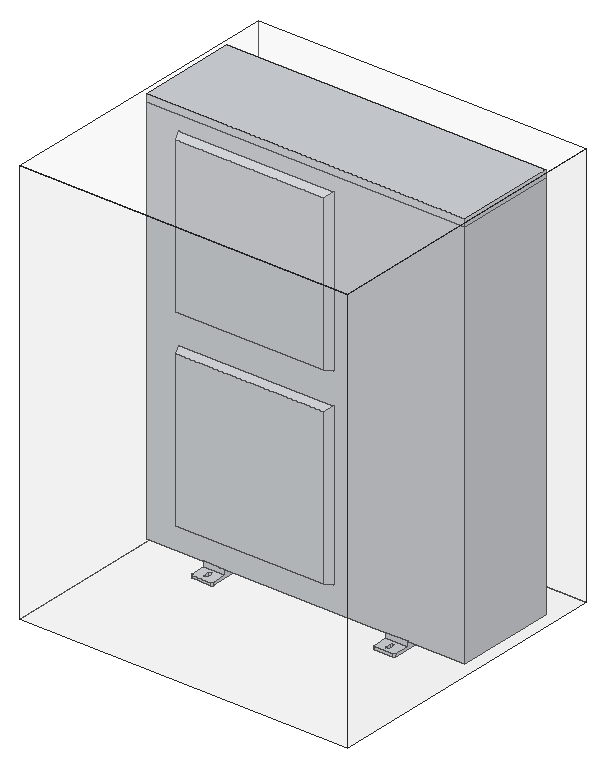
Revit family "puz-dhrmp80_140ka_50Hz", category 機械設備, Revit 2019 (continued)
Definition of nested family "PUZ-ZRMP-3"
  Dimensions and locks
    aligned and locked: plane 53 to Extrusion 5 sketch curve
    aligned and locked: plane 58 to Extrusion 6 sketch curve
    aligned and locked: plane 56 to Extrusion 6 sketch curve
    aligned and locked: plane 61 to Extrusion 7 sketch curve
    aligned and locked: plane 54 to Extrusion 7 sketch curve
    aligned and locked: plane 55 to Extrusion 7
    aligned and locked: Extrusion 7 to plane 62
    aligned and locked: plane 64 to Extrusion 6
    aligned and locked: plane 63 to Extrusion 5
    aligned and locked: Extrusion 6 to plane 60
    aligned and locked: Extrusion 5 to plane 59
    aligned and locked: plane 66 to Extrusion 8 sketch curve
    aligned and locked: plane 65 to Extrusion 8 sketch curve
    aligned and locked: Extrusion 8 to plane 60
    aligned and locked: plane 64 to Extrusion 8
    aligned and locked: Blend 9 sketch curve to plane 71
    aligned and locked: Blend 9 sketch curve to plane 72
    aligned and locked: Blend 9 sketch curve to plane 42
    aligned and locked: Blend 9 sketch curve to plane 41
    aligned and locked: plane 45 to Blend 9 sketch curve
    aligned and locked: Blend 9 sketch curve to plane 46
    aligned and locked: Blend 9 sketch curve to plane 73
    aligned and locked: plane 74 to Blend 9 sketch curve
    aligned and locked: Blend 9 to plane 8
    aligned and locked: plane 38 to Blend 9
    aligned and locked: plane 22 to Extrusion 10 sketch curve
    aligned and locked: plane 21 to Extrusion 10 sketch curve
    aligned and locked: Extrusion 10 sketch curve to Extrusion 1  (x4)
    aligned and locked: Extrusion 10 sketch curve to plane 23
    aligned and locked: Extrusion 10 sketch curve to plane 20
    aligned and locked: plane 24 to Extrusion 10
    aligned and locked: Extrusion 10 to level
    aligned and locked: plane 25 to Extrusion 11
    aligned and locked: Extrusion 11 to plane 26
    aligned and locked: Masking region 1 sketch curve to Extrusion 3  (x4)
    aligned and locked: Masking region 1 sketch curve to cut or joined group of Extrusion 1, Extrusion 10  (x8)
    aligned and locked: Masking region 1 sketch curve to Blend 9  (x3)
    aligned and locked: plane 51 to Extrusion 11 sketch curve
    aligned and locked: plane 52 to Extrusion 11 sketch curve
    aligned and locked: plane 76 to Extrusion 11 sketch curve
    aligned and locked: plane 77 to Extrusion 11 sketch curve
    aligned and locked: plane 78 to Extrusion 11 sketch curve
    aligned and locked: plane 79 to Extrusion 11 sketch curve
    aligned and locked: plane 75 to Extrusion 11 sketch curve  (x4)
  Automatic sketch dimensions
    plane 7 to Extrusion 1 sketch curve = 0 mm  (x2)
    Extrusion 1 sketch curve to plane 18 = 0 mm
    plane 8 to Extrusion 1 sketch curve = 0 mm  (x2)
    Extrusion 1 sketch curve to plane 19 = 0 mm
    Extrusion 1 sketch curve to plane 20 = 0 mm
    Extrusion 1 sketch curve to plane 21 = 0 mm
    curve 187 to curve 188 = 40 mm
    curve 186 to curve 190 = 13.333 mm
    curve 190 to curve 190 = 40 mm
    curve 186 to curve 193 = 0 mm
    curve 186 to curve 188 = 40 mm
    curve 188 to curve 191 = 0 mm
    curve 179 to curve 180 = 40 mm
    curve 178 to curve 182 = 120 mm
    curve 182 to curve 182 = 40 mm
    curve 178 to curve 185 = 0 mm
    curve 178 to curve 180 = 40 mm
    curve 182 to curve 183 = 40 mm
    curve 25 to plane 45 = 0 mm
    curve 24 to plane 45 = 0 mm
    curve 22 to plane 45 = 0 mm
    curve 23 to plane 45 = 0 mm
    curve 26 to plane 45 = 0 mm
    curve 21 to plane 45 = 0 mm
    curve 24 to plane 46 = 0 mm
    curve 25 to plane 46 = 0 mm
    curve 26 to plane 46 = 0 mm
    curve 23 to plane 46 = 0 mm
    curve 22 to plane 46 = 0 mm
    curve 21 to plane 46 = 0 mm
    curve 37 to plane 48 = 0 mm
    curve 52 to plane 48 = 0 mm
    curve 51 to plane 48 = 0 mm
    curve 50 to plane 48 = 0 mm
    curve 49 to plane 48 = 0 mm
    curve 48 to plane 48 = 0 mm
    curve 47 to plane 48 = 0 mm
    curve 46 to plane 48 = 0 mm
    curve 45 to plane 48 = 0 mm
    curve 44 to plane 48 = 0 mm
    curve 43 to plane 48 = 0 mm
    curve 42 to plane 48 = 0 mm
    curve 41 to plane 48 = 0 mm
    curve 27 to plane 48 = 0 mm
    curve 28 to plane 48 = 0 mm
    curve 40 to plane 48 = 0 mm
    curve 39 to plane 48 = 0 mm
    curve 29 to plane 48 = 0 mm
    curve 38 to plane 48 = 0 mm
    curve 30 to plane 48 = 0 mm
    curve 53 to plane 48 = 0 mm
    curve 31 to plane 48 = 0 mm
    curve 36 to plane 48 = 0 mm
    curve 32 to plane 48 = 0 mm
    curve 35 to plane 48 = 0 mm
    curve 33 to plane 48 = 0 mm
    curve 34 to plane 48 = 0 mm
    curve 28 to plane 47 = 0 mm
    curve 41 to plane 47 = 0 mm
    curve 27 to plane 47 = 0 mm
    curve 42 to plane 47 = 0 mm
    curve 31 to plane 47 = 0 mm
    curve 40 to plane 47 = 0 mm
    curve 37 to plane 47 = 0 mm
    curve 39 to plane 47 = 0 mm
    curve 32 to plane 47 = 0 mm
    curve 45 to plane 47 = 0 mm
    curve 36 to plane 47 = 0 mm
    curve 46 to plane 47 = 0 mm
    curve 43 to plane 47 = 0 mm
    curve 47 to plane 47 = 0 mm
    curve 29 to plane 47 = 0 mm
    curve 48 to plane 47 = 0 mm
    curve 30 to plane 47 = 0 mm
    curve 49 to plane 47 = 0 mm
    curve 44 to plane 47 = 0 mm
    curve 50 to plane 47 = 0 mm
    curve 33 to plane 47 = 0 mm
    curve 51 to plane 47 = 0 mm
    curve 35 to plane 47 = 0 mm
    curve 52 to plane 47 = 0 mm
    curve 38 to plane 47 = 0 mm
    curve 53 to plane 47 = 0 mm
    curve 34 to plane 47 = 0 mm
    plane 13 to curve 304 = 138 mm
    curve 304 to plane 46 = 0 mm
    curve 307 to plane 45 = 0 mm
    curve 306 to plane 45 = 0 mm
    curve 303 to plane 45 = 0 mm
    curve 308 to plane 45 = 0 mm
    curve 303 to plane 46 = 0 mm
    curve 306 to plane 46 = 0 mm
    curve 307 to plane 46 = 0 mm
    curve 308 to plane 46 = 0 mm
    curve 309 to plane 45 = 0 mm
    curve 309 to plane 46 = 0 mm
    curve 305 to plane 74 = 0 mm
    curve 305 to plane 73 = 0 mm
    curve 310 to plane 74 = 0 mm
    curve 310 to plane 73 = 0 mm
    curve 311 to plane 73 = 0 mm
    curve 311 to plane 74 = 0 mm
    curve 312 to plane 74 = 0 mm
    curve 312 to plane 73 = 0 mm
    curve 313 to plane 74 = 0 mm
    curve 313 to plane 73 = 0 mm
    curve 314 to plane 73 = 0 mm
    curve 314 to plane 74 = 0 mm
    curve 315 to plane 74 = 0 mm
    curve 315 to plane 73 = 0 mm
    curve 316 to plane 73 = 0 mm
    curve 316 to plane 74 = 0 mm
    curve 317 to plane 74 = 0 mm
    curve 317 to plane 73 = 0 mm
    curve 318 to plane 74 = 0 mm
    curve 318 to plane 73 = 0 mm
    curve 319 to plane 74 = 0 mm
    curve 319 to plane 73 = 0 mm
    curve 320 to plane 74 = 0 mm
    curve 320 to plane 73 = 0 mm
    curve 321 to plane 74 = 0 mm
    curve 321 to plane 73 = 0 mm
    curve 322 to plane 73 = 0 mm
    curve 322 to plane 74 = 0 mm
    curve 323 to plane 73 = 0 mm
    curve 323 to plane 74 = 0 mm
    curve 324 to plane 73 = 0 mm
    curve 324 to plane 74 = 0 mm
    curve 325 to plane 74 = 0 mm
    curve 325 to plane 73 = 0 mm
    curve 326 to plane 74 = 0 mm
    curve 326 to plane 73 = 0 mm
    curve 327 to plane 74 = 0 mm
    curve 327 to plane 73 = 0 mm
    curve 328 to plane 74 = 0 mm
    curve 328 to plane 73 = 0 mm
    curve 329 to plane 74 = 0 mm
    curve 329 to plane 73 = 0 mm
    curve 330 to plane 74 = 0 mm
    curve 330 to plane 73 = 0 mm
    curve 331 to plane 74 = 0 mm
    curve 331 to plane 73 = 0 mm
    curve 332 to plane 73 = 0 mm
    curve 332 to plane 74 = 0 mm
    curve 333 to plane 74 = 0 mm
    curve 333 to plane 73 = 0 mm
    curve 334 to plane 73 = 0 mm
    curve 334 to plane 74 = 0 mm
    curve 335 to plane 74 = 0 mm
    curve 335 to plane 73 = 0 mm
    Extrusion 10 sketch curve to plane 18 = 0 mm  (x2)
    plane 8 to Extrusion 10 sketch curve = 0 mm
    plane 23 to Extrusion 10 sketch curve = 0 mm
    plane 22 to Extrusion 10 sketch curve = 0 mm  (x3)
    plane 16 to Extrusion 10 sketch curve = 0 mm  (x3)
    plane 17 to Extrusion 10 sketch curve = 0 mm  (x3)
    Extrusion 10 sketch curve to plane 15 = 0 mm  (x2)
    Extrusion 10 sketch curve to plane 19 = 0 mm  (x2)
    Extrusion 10 sketch curve to plane 14 = 0 mm  (x2)
    plane 7 to Extrusion 10 sketch curve = 0 mm
    Extrusion 10 sketch curve to plane 18 = 5 mm
    plane 15 to Extrusion 10 sketch curve = 6 mm  (x2)
    plane 19 to Extrusion 10 sketch curve = 5 mm
    Extrusion 10 sketch curve to plane 20 = 5 mm
    plane 14 to Extrusion 10 sketch curve = 6 mm  (x2)
    plane 21 to Extrusion 10 sketch curve = 5 mm
    plane 38 to Extrusion 10 sketch curve = 10 mm  (x2)
    plane 19 to Masking region 1 sketch curve = 0 mm
    plane 21 to Masking region 1 sketch curve = 0 mm
    plane 7 to Masking region 1 sketch curve = 0 mm  (x2)
    Masking region 1 sketch curve to plane 20 = 0 mm
    Masking region 1 sketch curve to plane 18 = 0 mm
    plane 8 to Masking region 1 sketch curve = 0 mm  (x2)
    plane 38 to Masking region 1 sketch curve = 0 mm
    curve 352 to plane 6 = 0 mm
    plane 7 to curve 352 = 0 mm
    curve 353 to plane 18 = 0 mm
    curve 348 to plane 18 = 0 mm
    plane 8 to curve 346 = 0 mm
    curve 354 to plane 19 = 0 mm
    curve 347 to plane 19 = 0 mm
    curve 345 to plane 41 = 0 mm
    plane 38 to curve 344 = 0 mm
    curve 344 to plane 46 = 0 mm
    curve 357 to plane 20 = 0 mm
    curve 343 to plane 20 = 0 mm
    curve 358 to plane 21 = 0 mm
    curve 341 to plane 21 = 0 mm
    curve 339 to plane 45 = 0 mm
    curve 339 to plane 42 = 0 mm
    curve 337 to plane 5 = 0 mm
    plane 22 to curve 354 = 0 mm
    plane 22 to curve 358 = 0 mm
    plane 23 to curve 342 = 0 mm
    plane 23 to curve 347 = 0 mm
    curve 11 to plane 65 = 6 mm
    plane 18 to curve 352 = 28.157 mm
    plane 15 to curve 346 = 0.043 mm
    plane 21 to curve 338 = 11.963 mm
    curve 336 to plane 21 = 9.073 mm
    curve 344 to plane 21 = 22.105 mm
    plane 28 to curve 3 = 5 mm
    curve 3 to plane 45 = 38 mm
    curve 1 to plane 45 = 38 mm
    curve 3 to curve 5 = 0 mm
    curve 4 to plane 29 = 5 mm
    curve 372 to plane 65 = 6 mm
    plane 65 to curve 376 = 9 mm
    curve 12 to plane 65 = 6 mm
    curve 20 to plane 53 = 4 mm
    curve 2 to curve 16 = 15 mm
    plane 51 to curve 15 = 5 mm
Definition of nested family "固定点"
  Parameters (values of type "固定点")
    中心円 = if(W > 599 mm, 12 mm, 10 mm)  # 12 mm
    W = 1000 mm
    D = 1000 mm
  Reference planes
    plane 1 "中心(正面/背面)": y = 0
    plane 2: z = 0
    plane 3 "中心(左/右)": x = 0
    plane 4: x = 1000
    plane 5: y = 1000
  Lines and regions (mm)
    symbolic lines, detail levels fine
      curve 1: circle (0, 1000, 0) r 6 normal (0, 0, 1)
      curve 2: circle (0, 0, 0) r 6 normal (0, 0, 1)
      curve 3: circle (1000, 1000, 0) r 6 normal (0, 0, 1)
      curve 4: circle (1000, 0, 0) r 6 normal (0, 0, 1)
      curve 5: line (-200, 1000, 0) -> (1200, 1000, 0)
      curve 6: line (-200, 0, 0) -> (1200, 0, 0)
      curve 7: line (0, 1200, 0) -> (0, -200, 0)
      curve 8: line (1000, 1200, 0) -> (1000, -200, 0)
  Dimensions and locks
    "W": plane 3 "中心(左/右)" to plane 4
    "D": plane 1 "中心(正面/背面)" to plane 5
    "中心円": diameter of curve 1
    "中心円": diameter of curve 2
    "中心円": diameter of curve 3
    "中心円": diameter of curve 4
    aligned and locked: level to plane 2
    aligned and locked: plane 5 to curve 1
    aligned and locked: plane 3 "中心(左/右)" to curve 1
    aligned and locked: plane 3 "中心(左/右)" to curve 2
    aligned and locked: plane 1 "中心(正面/背面)" to curve 2
    aligned and locked: plane 4 to curve 3
    aligned and locked: plane 5 to curve 3
    aligned and locked: plane 1 "中心(正面/背面)" to curve 4
    aligned and locked: plane 4 to curve 4
    aligned and locked: plane 1 "中心(正面/背面)" to curve 6
    aligned and locked: curve 7 to plane 3 "中心(左/右)"
    aligned and locked: curve 8 to plane 4
  Automatic sketch dimensions
    curve 5 to plane 5 = 0 mm
    curve 6 to plane 3 "中心(左/右)" = 200 mm
    curve 5 to plane 3 "中心(左/右)" = 200 mm
    curve 4 to curve 6 = 200 mm
    curve 3 to curve 5 = 200 mm
    plane 1 "中心(正面/背面)" to curve 8 = 200 mm
    plane 1 "中心(正面/背面)" to curve 7 = 200 mm
    curve 3 to curve 8 = 200 mm
    curve 1 to curve 7 = 200 mm
Types (3, lengths in mm): name | 音響パワーレベル（冷）(dB) | 音響パワーレベル(dB) | 電動機出力_圧縮機 | 消費電力_暖房 | 消費電力_冷房 | 消費電力 | 構成品番 | 暖房能力 | 推奨ブレーカー容量 | 価格 | 冷房能力 | URL
  PUZ-DHRMP80KA | 66 | 68 | 1.5 kW | 1.92 kW | 1.77 kW | 1.92 kW | "PUZ-DHRMP80KA" | 8 kW | 30 A | 831000 | 7.1 kW | "https://www.mitsubishielectric.co.jp/ldg/wink/ssl/displayProduct.do?pid=323617"
  PUZ-DHRMP112KA | 66 | 69 | 2.1 kW | 2.69 kW | 2.5 kW | 2.69 kW | "PUZ-DHRMP112KA" | 11.2 kW | 30 A | 981000 | 10 kW | "https://www.mitsubishielectric.co.jp/ldg/wink/ssl/displayProduct.do?pid=323620"
  PUZ-DHRMP140KA | 68 | 69 | 2.7 kW | 3.82 kW | 3.69 kW | 3.82 kW | "PUZ-DHRMP140KA" | 14 kW | 40 A | 1171000 | 12.5 kW | "https://www.mitsubishielectric.co.jp/ldg/wink/ssl/displayProduct.do?pid=323623"
